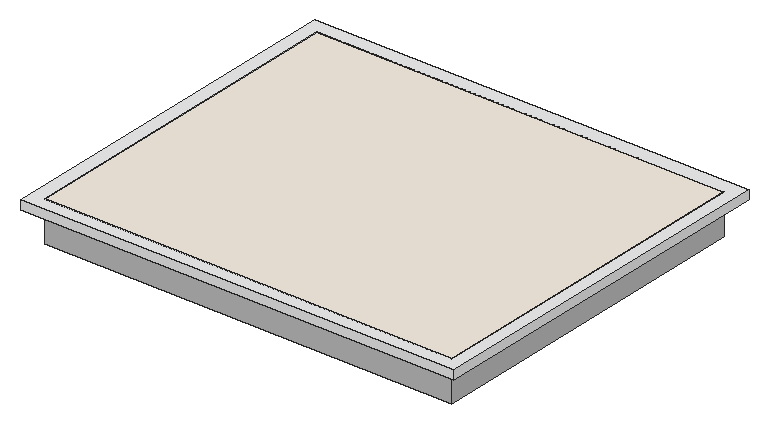
Revit family "Lighting-Industriale-GEWISS-ELIA-HL-LED_RIFLETTORE", category Apparecchi per illuminazione, host Superficie, Revit 2019 (continued)
Types (12, lengths in mm): name | Tensione | Scheda Tecnica | Potenza di sistema | Peso (kg): | Peso (kg) | Ottica | built-in parameter 1150142 | Lumen output (lm) | Modello | IDT | File diagramma fotometrico | Description
    82.10 368.04 \r\n352.58 336.15 319.30 301.89 284.31 265.38 243.66 221.32 \r\n200.77 179.79 156.18 132.16 109.10 87.13 66.39 48.11 \r\n33.80 22.68 14.68 9.30 5.93 4.79 \r\n20514.31 20512.92 20504.56 20493.42 20475.32 20453.04 \r\n20423.80 20393.16 20359.74 20319.36 20274.80 20223.28 \r\n20171.76 20114.66 20056.18 19994.91 19930.85 19864.01 \r\n19791.60 19716.41 19638.43 19553.49 19467.15 19373.85 \r\n19279.16 19177.51 19073.07 18965.85 18853.06 18740.26 \r\n18621.90 18500.76 18375.43 18245.93 18113.64 17979.96 \r\n17843.50 17702.85 17560.82 17416.00 17269.78 17118.00 \r\n16959.26 16787.98 16609.74 16427.32 16236.55 16036.03 \r\n15828.55 15614.10 15395.48 15168.50 14935.95 14696.45 \r\n14445.80 14175.65 13888.80 13589.41 13281.67 12972.53 \r\n12657.83 12336.16 12008.92 11681.68 11360.01 11050.88 \r\n10751.49 10460.46 10176.39 9896.50 9620.78 9345.07 \r\n9070.75 8803.39 8541.59 8278.41 8020.80 7765.97 7518.11 \r\n7278.60 7041.87 6810.72 6586.53 6366.51 6154.85 5951.55 \r\n5751.03 5549.11 5349.98 5156.43 4972.62 4795.77 4624.49 \r\n4454.61 4288.90 4124.59 3967.23 3819.63 3677.59 3539.74 \r\n3408.84 3280.73 3155.41 3035.65 2921.47 2808.67 2702.15 \r\n2597.71 2496.89 2400.39 2307.79 2219.51 2134.28 2050.87 \r\n1970.67 1895.05 1822.78 1752.18 1683.95 1617.67 1554.31 \r\n1494.57 1437.62 1381.78 1328.45 1278.18 1230.55 1185.30 \r\n1141.57 1098.54 1056.63 1016.11 977.81 942.17 908.75 \r\n876.58 845.53 815.59 785.93 756.27 726.47 696.39 667.56 \r\n642.08 618.27 595.71 573.85 552.13 530.26 507.57 485.15 \r\n463.56 443.51 426.94 412.88 402.85 393.38 380.99 367.06 \r\n351.61 335.17 318.05 300.22 282.40 263.41 241.71 219.42 \r\n198.79 177.75 154.30 130.48 107.64 85.95 65.64 47.76 \r\n33.64 22.63 14.66 9.26 5.91 4.76 \r\n20514.31 20512.92 20504.56 20493.42 20475.32 20451.65 \r\n20423.80 20394.56 20359.74 20320.75 20276.19 20226.06 \r\n20173.15 20116.06 20058.96 19997.69 19933.64 19866.80 \r\n19794.39 19719.19 19641.21 19556.27 19469.94 19376.64 \r\n19280.56 19181.69 19077.25 18971.42 18860.02 18744.44 \r\n18628.87 18507.72 18382.39 18252.89 18122.00 17986.92 \r\n17850.46 17711.21 17567.78 17424.35 17275.35 17124.97 \r\n16966.22 16797.73 16620.88 16437.07 16246.30 16047.17 \r\n15838.30 15625.24 15406.62 15181.04 14949.88 14710.37 \r\n14459.72 14190.97 13906.90 13606.12 13296.98 12987.85 \r\n12670.36 12347.30 12018.67 11687.25 11361.41 11052.27 \r\n10750.10 10459.07 10173.61 9893.71 9618.00 9340.89 \r\n9066.57 8799.21 8537.42 8272.84 8015.23 7760.40 7512.54 \r\n7273.03 7036.30 6805.15 6578.17 6359.55 6146.49 5943.19 \r\n5742.67 5540.76 5343.02 5152.25 4969.83 4792.98 4621.71 \r\n4453.22 4287.51 4124.59 3967.23 3821.02 3678.99 3542.52 \r\n3411.63 3283.52 3159.58 3041.22 2924.25 2814.24 2707.16 \r\n2603.28 2503.16 2406.80 2314.34 2225.08 2138.88 2054.63 \r\n1973.73 1897.84 1825.15 1754.41 1685.76 1619.34 1555.70 \r\n1495.96 1438.87 1383.45 1330.39 1279.99 1231.94 1186.69 \r\n1142.69 1099.80 1058.02 1017.36 978.65 942.72 908.88 \r\n876.02 844.97 815.59 786.90 757.24 727.30 696.95 667.70 \r\n642.08 618.41 595.85 573.99 552.13 530.26 507.71 485.56 \r\n463.84 443.93 426.80 412.46 401.88 391.99 379.87 366.09 \r\n350.77 334.20 316.65 298.41 280.39 261.41 239.77 217.52 \r\n196.80 175.71 152.35 128.74 106.15 84.76 64.90 47.43 \r\n33.50 22.58 14.63 9.23 5.87 4.74 \r\n20514.31 20512.92 20504.56 20493.42 20475.32 20451.65 \r\n20425.19 20394.56 20361.14 20322.15 20278.98 20227.45 \r\n20174.54 20118.84 20061.75 20000.48 19935.03 19868.19 \r\n19797.17 19723.37 19644.00 19559.06 19471.33 19380.81 \r\n19284.73 19185.87 19081.43 18975.60 18864.20 18751.40 \r\n18634.44 18513.29 18389.35 18261.25 18128.96 17995.28 \r\n17858.81 17718.17 17574.74 17429.92 17283.71 17130.53 \r\n16973.18 16806.08 16629.24 16446.82 16256.05 16056.92 \r\n15849.44 15636.38 15417.76 15192.18 14961.02 14722.90 \r\n14472.25 14206.29 13923.61 13624.22 13313.69 13000.38 \r\n12682.89 12357.05 12025.63 11692.82 11364.19 11050.88 \r\n10748.71 10456.28 10170.82 9890.93 9613.82 9336.71 \r\n9061.00 8793.64 8529.06 8267.27 8009.66 7754.83 7505.58 \r\n7264.67 7029.34 6796.79 6571.21 6351.19 6138.14 5933.44 \r\n5734.32 5533.80 5337.45 5146.68 4964.26 4788.81 4617.53 \r\n4450.43 4284.72 4124.59 3968.63 3821.02 3680.38 3545.31 \r\n3414.41 3286.30 3163.76 3044.01 2929.82 2818.42 2712.03 \r\n2608.71 2509.15 2413.34 2320.60 2230.78 2143.34 2058.39 \r\n1976.93 1900.48 1827.52 1756.36 1687.57 1620.87 1557.09 \r\n1497.22 1440.12 1384.98 1332.07 1281.66 1233.48 1187.66 \r\n1143.80 1100.91 1059.27 1018.47 979.48 943.14 908.88 \r\n875.60 844.27 815.73 787.88 758.22 728.00 697.22 667.70 \r\n642.22 618.55 595.99 573.99 551.99 529.99 507.71 485.70 \r\n464.26 444.35 426.80 411.90 400.76 390.60 378.48 365.11 \r\n349.94 333.36 315.26 296.74 278.56 259.42 237.85 215.70 \r\n194.84 173.64 150.40 127.00 104.65 83.56 64.17 47.14 \r\n33.39 22.54 14.61 9.19 5.84 4.71 \r\n20514.31 20512.92 20504.56 20492.03 20475.32 20451.65 \r\n20425.19 20395.95 20362.53 20323.54 20278.98 20230.24 \r\n20175.93 20120.23 20063.14 20001.87 19937.81 19870.98 \r\n19798.56 19724.76 19646.78 19561.84 19475.51 19383.60 \r\n19287.52 19190.04 19085.60 18979.78 18871.16 18756.98 \r\n18641.40 18520.25 18397.71 18268.21 18135.92 18000.85 \r\n17864.38 17723.74 17581.70 17436.89 17289.28 17137.50 \r\n16981.54 16813.05 16637.59 16455.17 16265.79 16065.27 \r\n15859.18 15646.13 15427.51 15203.32 14972.16 14734.04 \r\n14486.18 14220.21 13940.32 13639.54 13329.01 13014.31 \r\n12695.42 12366.79 12033.99 11697.00 11365.59 11049.49 \r\n10745.92 10453.50 10168.04 9888.14 9608.25 9329.75 \r\n9055.43 8788.07 8522.10 8258.92 8001.31 7747.87 7500.01 \r\n7259.10 7023.77 6791.22 6562.85 6342.84 6129.78 5925.09 \r\n5725.96 5526.83 5330.49 5142.50 4961.48 4786.02 4613.35 \r\n4446.25 4283.33 4123.19 3968.63 3822.41 3681.77 3545.31 \r\n3415.80 3287.69 3166.55 3048.18 2934.00 2822.60 2716.49 \r\n2614.00 2514.99 2419.61 2326.73 2236.08 2147.65 2062.01 \r\n1979.72 1902.99 1829.75 1758.17 1689.10 1622.26 1558.21 \r\n1498.33 1441.24 1386.37 1333.60 1282.91 1234.59 1188.64 \r\n1144.63 1101.89 1060.25 1019.45 980.04 943.42 908.75 \r\n875.05 843.44 815.73 788.57 758.91 728.56 697.50 667.84 \r\n642.22 618.55 595.99 573.99 551.71 529.71 507.71 485.98 \r\n464.54 444.49 426.80 411.34 399.51 388.79 377.09 364.00 \r\n348.96 332.53 314.15 294.93 276.59 257.43 235.99 213.94 \r\n192.94 171.60 148.45 125.27 103.16 82.41 63.46 46.82 \r\n33.28 22.50 14.58 9.15 5.80 4.68 \r\n20514.31 20511.53 20504.56 20492.03 20475.32 20451.65 \r\n20425.19 20395.95 20362.53 20324.93 20280.37 20231.63 \r\n20178.72 20123.02 20065.92 20003.26 19939.21 19870.98 \r\n19799.96 19727.55 19648.17 19564.63 19478.29 19387.78 \r\n19291.70 19192.83 19091.17 18983.95 18875.34 18762.55 \r\n18646.97 18527.21 18403.28 18275.17 18142.88 18009.20 \r\n17869.95 17730.70 17587.28 17442.45 17294.85 17144.46 \r\n16988.50 16821.40 16645.95 16464.92 16274.15 16075.02 \r\n15867.54 15657.27 15438.65 15213.06 14983.30 14745.18 \r\n14497.32 14234.14 13954.24 13653.46 13342.94 13026.84 \r\n12705.17 12375.15 12040.95 11699.79 11365.59 11049.49 \r\n10743.14 10449.32 10163.86 9881.18 9602.68 9324.18 \r\n9048.47 8779.71 8512.35 8251.95 7992.95 7739.51 7493.04 \r\n7252.14 7018.20 6784.26 6555.89 6334.48 6120.04 5916.73 \r\n5717.61 5519.87 5323.53 5136.93 4957.30 4780.45 4607.78 \r\n4442.07 4280.55 4120.41 3968.63 3822.41 3681.77 3545.31 \r\n3415.80 3290.48 3167.94 3050.97 2936.78 2826.78 2720.53 \r\n2618.60 2520.29 2425.18 2332.44 2240.95 2151.69 2065.22 \r\n1982.50 1905.22 1831.42 1759.56 1690.22 1623.10 1558.90 \r\n1498.89 1441.79 1387.35 1334.99 1284.16 1235.57 1189.33 \r\n1145.19 1102.58 1061.22 1020.15 980.60 943.42 908.33 \r\n874.21 842.60 815.59 789.13 759.61 729.11 697.78 667.84 \r\n642.08 618.41 595.85 573.71 551.43 529.43 507.43 486.12 \r\n464.82 444.63 426.52 410.51 398.26 387.39 375.42 362.75 \r\n348.13 331.69 312.76 293.26 274.64 255.47 234.18 212.27 \r\n191.12 169.62 146.57 123.57 101.71 81.25 62.77 46.55 \r\n33.17 22.46 14.56 9.11 5.77 4.65 \r\n20514.31 20511.53 20504.56 20492.03 20475.32 20453.04 \r\n20426.58 20397.34 20363.92 20326.32 20281.76 20233.03 \r\n20180.11 20124.41 20065.92 20006.05 19940.60 19872.37 \r\n19802.74 19727.55 19650.96 19567.41 19481.08 19390.56 \r\n19294.48 19197.01 19096.75 18990.92 18880.91 18768.12 \r\n18651.15 18532.78 18408.85 18280.74 18149.85 18014.77 \r\n17876.92 17736.27 17594.24 17448.03 17300.42 17151.42 \r\n16994.07 16828.36 16654.30 16471.88 16281.11 16083.38 \r\n15877.29 15665.63 15447.00 15222.81 14993.05 14754.93 \r\n14508.46 14246.67 13968.17 13668.78 13355.47 13037.98 \r\n12714.92 12383.50 12046.52 11703.96 11365.59 11046.70 \r\n10738.96 10446.54 10159.68 9877.00 9597.11 9317.22 \r\n9041.50 8769.97 8504.00 8240.82 7983.20 7732.55 7484.69 \r\n7245.18 7011.24 6777.30 6550.32 6326.13 6113.08 5909.77 \r\n5710.64 5511.52 5317.96 5132.76 4953.12 4776.28 4602.21 \r\n4436.51 4274.98 4117.62 3965.84 3819.63 3680.38 3545.31 \r\n3415.80 3290.48 3170.72 3052.36 2939.57 2829.56 2723.59 \r\n2622.36 2524.74 2429.77 2337.03 2244.99 2154.89 2067.86 \r\n1984.45 1906.61 1832.53 1760.54 1690.91 1623.52 1559.32 \r\n1499.17 1442.21 1388.04 1335.83 1285.00 1236.12 1189.61 \r\n1145.33 1103.00 1061.64 1020.56 980.74 943.28 907.63 \r\n873.10 841.49 815.03 789.41 760.03 729.25 698.06 667.98 \r\n642.22 618.27 595.43 573.29 551.01 528.73 507.29 485.98 \r\n464.96 444.76 426.24 409.81 397.00 385.72 374.03 361.49 \r\n347.29 331.00 311.64 291.45 272.74 253.56 232.45 210.69 \r\n189.38 167.71 144.75 121.94 100.32 80.18 62.11 46.29 \r\n33.07 22.41 14.53 9.07 5.73 4.62 \r\n20514.31 20511.53 20504.56 20492.03 20475.32 20453.04 \r\n20426.58 20397.34 20363.92 20327.72 20284.55 20234.42 \r\n20181.50 20125.80 20068.71 20006.05 19941.99 19875.15 \r\n19802.74 19728.94 19650.96 19570.20 19483.86 19391.95 \r\n19298.66 19201.18 19099.53 18995.09 18886.48 18773.69 \r\n18656.72 18538.35 18415.81 18287.70 18156.81 18020.34 \r\n17882.49 17741.84 17598.42 17453.60 17305.99 17155.60 \r\n17001.03 16833.93 16661.26 16480.24 16289.47 16091.73 \r\n15885.64 15672.59 15455.36 15232.56 15002.80 14766.07 \r\n14518.20 14257.81 13980.70 13681.31 13368.00 13049.12 \r\n12723.27 12390.47 12050.69 11706.75 11366.98 11043.92 \r\n10736.18 10439.57 10154.11 9870.04 9588.76 9310.26 \r\n9033.15 8761.61 8494.25 8232.46 7974.85 7722.81 7477.73 \r\n7239.61 7002.88 6771.73 6543.36 6320.56 6104.72 5901.42 \r\n5705.07 5505.94 5310.99 5127.19 4947.55 4770.71 4598.03 \r\n4430.94 4270.80 4113.44 3961.66 3816.84 3677.59 3543.91 \r\n3414.41 3289.09 3170.72 3053.75 2940.96 2830.95 2725.54 \r\n2625.00 2527.94 2433.39 2340.65 2247.91 2157.40 2069.67 \r\n1985.84 1907.73 1833.09 1760.82 1691.05 1623.52 1559.04 \r\n1498.89 1442.07 1388.18 1336.24 1285.42 1236.40 1189.75 \r\n1145.19 1102.86 1061.92 1020.56 980.60 942.72 906.66 \r\n871.98 840.23 814.61 789.69 760.17 729.25 697.92 667.98 \r\n642.08 617.99 595.02 572.74 550.32 528.18 506.73 485.84 \r\n464.96 444.63 425.83 408.70 395.75 384.05 372.49 360.24 \r\n346.31 330.16 310.39 289.78 270.88 251.72 230.81 209.24 \r\n187.79 165.96 143.05 120.41 99.01 79.16 61.49 46.04 32.96 \r\n22.36 14.50 9.03 5.70 4.59 \r\n20514.31 20511.53 20504.56 20492.03 20475.32 20453.04 \r\n20426.58 20397.34 20366.70 20329.11 20285.94 20235.81 \r\n20182.90 20128.59 20070.10 20008.83 19943.39 19875.15 \r\n19804.14 19731.73 19653.75 19571.59 19485.25 19394.74 \r\n19301.44 19203.97 19103.71 18999.27 18892.05 18779.26 \r\n18662.28 18543.92 18421.38 18293.27 18160.99 18025.91 \r\n17888.06 17747.41 17603.99 17459.17 17310.17 17161.17 \r\n17006.60 16840.90 16668.23 16487.20 16296.43 16098.69 \r\n15892.60 15680.94 15463.71 15239.52 15011.15 14774.43 \r\n14527.95 14268.95 13991.84 13692.45 13379.14 13058.86 \r\n12731.63 12396.04 12056.26 11708.14 11366.98 11042.53 \r\n10732.00 10435.40 10148.54 9864.47 9583.19 9301.90 \r\n9024.79 8751.86 8484.50 8222.71 7965.10 7714.45 7469.37 \r\n7231.25 6997.31 6764.77 6537.79 6313.60 6099.15 5894.45 \r\n5698.11 5498.98 5305.43 5123.01 4943.38 4765.14 4589.68 \r\n4423.97 4263.84 4107.88 3957.49 3814.06 3674.81 3539.74 \r\n3411.63 3287.69 3167.94 3053.75 2939.57 2830.95 2726.38 \r\n2626.53 2529.89 2435.48 2342.74 2249.72 2158.65 2070.65 \r\n1986.40 1907.73 1832.95 1760.40 1690.50 1622.82 1558.21 \r\n1498.05 1441.38 1387.90 1336.24 1285.14 1235.98 1189.06 \r\n1144.50 1102.44 1061.36 1020.15 980.04 941.75 905.40 \r\n870.59 838.84 813.78 789.41 759.89 728.83 697.78 667.84 \r\n641.66 617.43 594.46 572.04 549.48 527.20 506.17 485.56 \r\n464.68 444.49 424.99 407.72 394.36 382.52 370.96 358.99 \r\n345.20 329.33 309.27 288.11 269.10 249.97 229.28 207.90 \r\n186.33 164.34 141.49 119.00 97.81 78.24 60.94 45.80 32.86 \r\n22.31 14.46 8.99 5.67 4.56 \r\n20514.31 20511.53 20504.56 20492.03 20475.32 20453.04 \r\n20427.98 20398.73 20366.70 20329.11 20285.94 20237.20 \r\n20185.68 20128.59 20071.50 20008.83 19944.78 19876.55 \r\n19805.53 19731.73 19653.75 19574.37 19488.04 19398.92 \r\n19305.62 19209.54 19109.28 19006.23 18897.62 18784.83 \r\n18669.25 18549.49 18425.56 18298.84 18165.16 18031.48 \r\n17892.23 17751.59 17609.56 17464.74 17317.13 17165.35 \r\n17010.78 16846.47 16673.80 16492.77 16304.78 16107.05 \r\n15900.96 15689.30 15470.68 15246.48 15016.72 14781.39 \r\n14533.52 14273.13 13997.41 13698.02 13384.71 13064.44 \r\n12735.81 12400.21 12059.05 11712.32 11366.98 11041.13 \r\n10729.21 10431.22 10141.58 9857.51 9574.83 9292.15 \r\n9013.65 8739.33 8471.97 8210.18 7955.35 7704.70 7461.01 \r\n7224.29 6991.74 6760.59 6533.61 6312.20 6096.37 5891.67 \r\n5693.93 5496.20 5301.25 5116.05 4935.02 4755.39 4581.32 \r\n4412.83 4249.91 4092.56 3942.17 3797.35 3660.88 3527.20 \r\n3399.09 3275.16 3156.80 3041.22 2929.82 2821.20 2717.19 \r\n2617.48 2520.98 2426.43 2333.55 2241.09 2150.72 2063.41 \r\n1979.86 1901.46 1826.68 1754.27 1684.65 1616.83 1552.08 \r\n1492.48 1436.22 1383.03 1331.65 1280.82 1231.39 1184.74 \r\n1140.32 1098.13 1057.05 1016.11 976.00 937.43 901.09 \r\n866.83 835.78 810.99 786.90 757.24 726.33 696.11 667.01 \r\n640.27 615.35 592.23 569.95 547.39 525.25 504.36 483.75 \r\n462.87 442.54 423.18 405.64 392.96 381.55 369.43 356.62 \r\n343.25 327.93 307.74 286.30 267.36 248.42 228.08 207.05 \r\n185.56 163.58 140.70 118.21 97.17 77.77 60.59 45.55 32.67 \r\n22.17 14.38 8.96 5.65 4.55 \r\n20514.31 20511.53 20504.56 20492.03 20475.32 20453.04 \r\n20427.98 20398.73 20368.10 20330.50 20287.33 20238.60 \r\n20185.68 20129.98 20071.50 20010.23 19944.78 19876.55 \r\n19806.92 19733.12 19655.14 19575.76 19492.22 19401.70 \r\n19308.40 19213.72 19114.85 19010.41 18901.80 18790.40 \r\n18673.42 18553.67 18431.13 18303.02 18170.73 18034.27 \r\n17897.80 17755.77 17613.73 17467.52 17321.31 17170.92 \r\n17013.56 16850.64 16679.37 16501.13 16311.75 16114.01 \r\n15907.92 15696.26 15477.64 15253.45 15023.68 14785.57 \r\n14537.70 14277.30 14000.19 13702.20 13390.28 13068.61 \r\n12739.98 12404.39 12061.84 11712.32 11368.37 11039.74 \r\n10725.04 10425.65 10134.61 9849.15 9566.48 9283.80 \r\n9003.91 8728.19 8459.44 8199.04 7944.21 7694.96 7452.66 \r\n7217.33 6986.17 6755.02 6530.83 6309.42 6094.97 5891.67 \r\n5691.15 5493.41 5298.46 5110.48 4926.66 4747.03 4570.19 \r\n4398.91 4233.20 4075.85 3925.46 3783.42 3645.57 3513.28 \r\n3385.17 3262.63 3144.27 3028.69 2917.29 2811.46 2707.02 \r\n2607.46 2510.68 2415.85 2322.97 2231.34 2141.94 2055.47 \r\n1972.62 1894.50 1819.72 1747.59 1678.10 1610.29 1545.68 \r\n1486.35 1430.52 1377.60 1326.63 1275.81 1226.65 1180.28 \r\n1135.86 1093.39 1052.45 1011.51 971.55 932.84 896.35 \r\n862.93 832.58 808.21 784.12 754.18 723.40 694.30 666.03 \r\n638.60 612.84 589.72 567.72 545.30 523.16 502.55 482.08 \r\n461.06 440.73 421.09 403.55 391.43 380.71 367.76 354.25 \r\n341.44 326.40 306.21 284.63 265.73 246.99 227.01 206.33 \r\n184.95 162.98 140.07 117.54 96.64 77.41 60.30 45.31 32.47 \r\n22.02 14.29 8.92 5.64 4.54 \r\n20514.31 20511.53 20504.56 20492.03 20475.32 20453.04 \r\n20427.98 20400.13 20368.10 20330.50 20287.33 20238.60 \r\n20187.07 20131.37 20072.89 20010.23 19944.78 19876.55 \r\n19805.53 19733.12 19656.53 19578.55 19495.00 19404.49 \r\n19313.98 19217.89 19117.63 19015.98 18907.37 18794.57 \r\n18677.60 18559.24 18435.31 18305.81 18174.91 18038.45 \r\n17900.59 17759.95 17617.91 17473.09 17325.49 17173.70 \r\n17019.14 16854.82 16684.94 16506.70 16317.32 16120.97 \r\n15916.28 15703.22 15481.82 15259.01 15027.86 14791.14 \r\n14541.88 14280.09 14002.98 13704.99 13394.46 13072.79 \r\n12742.77 12405.78 12064.62 11715.10 11366.98 11038.35 \r\n10722.25 10421.47 10129.05 9840.80 9558.12 9275.44 \r\n8994.16 8718.44 8448.30 8186.51 7934.47 7686.60 7445.70 \r\n7210.36 6979.2
